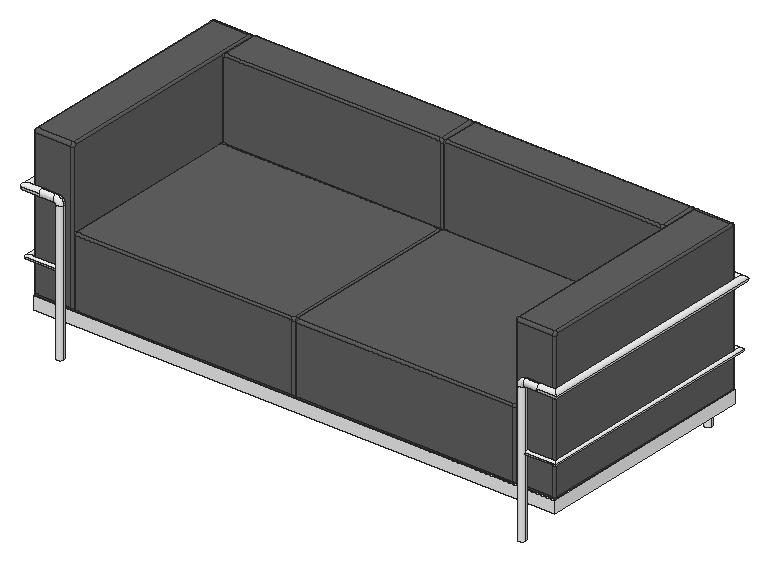
Revit family "Sofa-Corbu", category Furniture, Revit 2018
Family settings
  OmniClass Number = 23.40.20.14.14.14
  OmniClass Title = Settees, Sofas
  Work Plane-Based = No
  Always vertical = Yes
  Cut with Voids When Loaded = No
  Shared = Yes
  Room Calculation Point = No
Parameters (values of type "Sofa")
  Assembly Code = "E2020200"
  Cushion Material = Leather - Black
  Depth = 2' - 4 1/2"
  Frame Material = Metal - Chrome
  Height = 2' - 0 1/2"
  Width = 5' - 6"
Reference planes (in)
  plane 1 "Center (Front/Back)": y = 18.37705
  plane 2: z = 0
  plane 3 "Center (Left/Right)": x = 22.57377
  plane 4 "Front": y = 4.12705
  plane 5 "Back": y = 32.62705
  plane 6 "Right": x = 55.57377
  plane 7 "Left": x = -10.42623
  plane 8: z = 24.5
  plane 9: z = 18
  plane 10: z = 10
  plane 11: y = 27.62705
  plane 12: x = 50.57377
  plane 13 "L1": x = -5.42623
  plane 14: x = -11.42623
  plane 15: x = 56.57377
  plane 16: y = 33.62705
  plane 17: y = 3.12705
  plane 18: x = 51.8136
  plane 19: x = -6.67623
  plane 20 "Cushion": z = 14.5
  plane 21 "Base": z = 5.5
Forms (in)
  Extrusion 1, solid, material "Metal - Chrome" <- "Frame Material"
    sketch origin (0, 0, 0) x (1, 0, 0) y (0, 1, 0)
      loop
        line (-10.42623, 32.62705) -> (-10.42623, 4.12705) -> (55.57377, 4.12705) -> (55.57377, 32.62705) -> (-10.42623, 32.62705)
    from 4 to 5.5
  Sweep 2, solid, material "Metal - Chrome" <- "Frame Material"
    path origin (0, 0, 0) x (1, 0, 0) y (0, 1, 0)
      loop
        line (-8.92623, 3.62705) -> (-10.92623, 3.62705) -> (-10.92623, 33.12705) -> (56.07377, 33.12705) -> (56.07377, 3.62705) -> (54.07377, 3.62705)
    profile origin (-9.92623, 0, 0) x (0, -1, 0) y (0, 0, 1)
      loop
        circle (-3.62705, 18) r 0.4375
  Sweep 3, solid, material "Metal - Chrome" <- "Frame Material"
    path origin (0, 0, 0) x (1, 0, 0) y (0, 1, 0)
      loop
        line (-7.05123, 3.75205) -> (-10.80123, 3.75205) -> (-10.80123, 33.00205) -> (55.94877, 33.00205) -> (55.94877, 3.75205) -> (52.19877, 3.75205)
    profile origin (-8.92623, 0, 0) x (0, -1, 0) y (0, 0, 1)
      loop
        circle (-3.75205, 10) r 0.25
  Sweep 4, solid, material "Metal - Chrome" <- "Frame Material"
    path origin (0, 4.87705, 0) x (0, 0, -1) y (1, 0, 0)
      loop
        line (0, -6.67623) -> (-17.5, -6.67623)
        arc (-17.5, -6.67623) -> (-17.85355, -6.82268) -> (-18, -7.17623) r 0.5
        line (-18, -7.17623) -> (-18, -8.92623)
    profile origin (0, 4.87705, 8.75) x (-1, 0, 0) y (0, -1, 0)
      loop
        circle (6.67623, 1.25) r 0.4375
  Sweep 5, solid, material "Metal - Chrome" <- "Frame Material"
    path origin (0, 4.87705, 0) x (0, 0, -1) y (1, 0, 0)
      loop
        line (0, 51.82377) -> (-17.5, 51.82377)
        arc (-17.5, 51.82377) -> (-17.85355, 51.97022) -> (-18, 52.32377) r 0.5
        line (-18, 52.32377) -> (-18, 54.07377)
    profile origin (0, 4.87705, 8.75) x (-1, 0, 0) y (0, -1, 0)
      loop
        circle (-51.82377, 1.25) r 0.4375
  Extrusion 6, solid, material "Metal - Chrome" <- "Frame Material"
    sketch origin (0, 0, 0) x (1, 0, 0) y (0, 1, 0)
      loop
        circle (-6.67623, 33.12705) r 0.4375
      loop
        circle (51.82377, 33.12705) r 0.4375
    from 0 to 18
Cuts and joins
  joined: Sweep 2, Sweep 3, Sweep 4, Sweep 5, Extrusion 6
Lines and regions (in)
  Masking region 1
    outline origin (0, 0, 0) x (1, 0, 0) y (0, 1, 0)
      loop
        arc (-6.67623, 3.12705) -> (-6.17623, 3.62705) -> (-6.67623, 4.12705) r 0.5
        line (-6.67623, 4.12705) -> (51.8136, 4.12705)
        arc (51.8136, 4.12705) -> (51.3136, 3.62705) -> (51.8136, 3.12705) r 0.5
        line (51.8136, 3.12705) -> (56.57377, 3.12705) -> (56.57377, 33.62705) -> (-11.42623, 33.62705) -> (-11.42623, 3.12705) -> (-6.67623, 3.12705)
  symbolic lines
    curve 1: line (-5.42623, 32.62705, 0) -> (-5.42623, 4.12705, 0)
    curve 2: line (50.57377, 27.62705, 0) -> (-5.42623, 27.62705, 0)
    curve 3: line (50.57377, 4.12705, 0) -> (50.57377, 32.62705, 0)
    curve 4: line (22.57377, 4.12705, 0) -> (22.57377, 32.62705, 0)
Dimensions and locks (in)
  equal spacing: plane 7 "Left", plane 3 "Center (Left/Right)", plane 6 "Right"
  equal spacing: plane 4 "Front", plane 1 "Center (Front/Back)", plane 5 "Back"
  "Depth": plane 4 "Front" to plane 5 "Back"
  "Width": plane 7 "Left" to plane 6 "Right"
  locked: plane 7 "Left" to Sweep 3 sketch curve at 0.375
  locked: Sweep 3 sketch curve to plane 7 "Left" at 3.375
  locked: Sweep 3 sketch curve to plane 6 "Right" at 0.375
  locked: plane 4 "Front" to Sweep 3 sketch curve at 0.375  (x2)
  locked: Sweep 3 sketch curve to plane 5 "Back" at 0.375
  locked: plane 4 "Front" to Sweep 4 sketch curve at 0.5
  locked: plane 4 "Front" to Sweep 5 sketch curve at 0.5
  "Height": plane 8 to level
  locked: Extrusion 6 sketch curve to plane 5 "Back" at 0.5  (x2)
  locked: Extrusion 6 sketch curve to plane 7 "Left" at 3.75
  locked: plane 6 "Right" to Extrusion 6 sketch curve at 3.75
  locked: plane 7 "Left" to plane 13 "L1" at 5
  locked: plane 12 to plane 6 "Right" at 5
  locked: plane 5 "Back" to plane 11 at 5
  plane 14 to plane 7 "Left" = 0' - 1"
  locked: plane 16 to plane 5 "Back" at 1
  locked: plane 6 "Right" to plane 15 at 1
  locked: plane 14 to plane 19 at 4.75
  locked: plane 18 to plane 15 at 4.76017
  locked: plane 17 to plane 4 "Front" at 1
  locked: plane 20 "Cushion" to plane 2 at 14.5
  locked: plane 21 "Base" to plane 2 at 5.5
  aligned and locked: Sweep 4 sketch curve to Sweep 2  (x2)
  aligned and locked: Sweep 5 sketch curve to Sweep 2  (x2)
  aligned and locked: Extrusion 1 to curve 1
  aligned and locked: Masking region 1 sketch curve to plane 17
  aligned and locked: plane 15 to Masking region 1 sketch curve
  aligned and locked: Masking region 1 sketch curve to plane 16
  aligned and locked: Masking region 1 sketch curve to plane 14
  aligned and locked: plane 19 to Masking region 1 sketch curve
  aligned and locked: plane 18 to Masking region 1 sketch curve
  aligned and locked: nested 1 to plane 13 "L1"
  aligned and locked: nested 1 to plane 4 "Front"
  aligned and locked: nested 1 to plane 11
  aligned and locked: plane 5 "Back" to nested 2
  aligned and locked: nested 2 to plane 4 "Front"
  aligned and locked: plane 21 "Base" to nested 2
  aligned and locked: nested 2 to plane 8
  aligned and locked: plane 5 "Back" to nested 4
  aligned and locked: plane 4 "Front" to nested 4
  aligned and locked: nested 3 to plane 13 "L1"
  aligned and locked: nested 4 to plane 8
  aligned and locked: plane 21 "Base" to nested 4
  aligned and locked: plane 21 "Base" to nested 3
  aligned and locked: nested 3 to plane 8
  aligned and locked: nested 1 to plane 3 "Center (Left/Right)"
  aligned and locked: plane 3 "Center (Left/Right)" to nested 5
  aligned and locked: plane 12 to nested 5
  aligned and locked: nested 3 to plane 3 "Center (Left/Right)"
  aligned and locked: plane 3 "Center (Left/Right)" to nested 6
  aligned and locked: plane 12 to nested 6
  aligned and locked: plane 5 "Back" to curve 4
  aligned and locked: plane 4 "Front" to curve 4
  aligned and locked: plane 3 "Center (Left/Right)" to curve 4
  aligned and locked: nested 6 to plane 8
  aligned and locked: nested 5 to plane 11
  aligned and locked: plane 4 "Front" to nested 5
  aligned and locked: Masking region 1 sketch curve to plane 4 "Front"
Automatic sketch dimensions
  Extrusion 1 sketch curve to plane 4 "Front" = 0' - 0"
  Extrusion 1 sketch curve to plane 7 "Left" = 0' - 0"
  Extrusion 1 sketch curve to plane 6 "Right" = 0' - 0"
  Extrusion 1 sketch curve to plane 5 "Back" = 0' - 0"
  plane 7 "Left" to Sweep 2 sketch curve = 0' - 0 1/2"
  Sweep 2 sketch curve to plane 7 "Left" = 0' - 1 1/2"
  plane 6 "Right" to Sweep 2 sketch curve = 0' - 1 1/2"
  Sweep 2 sketch curve to plane 6 "Right" = 0' - 0 1/2"
  plane 4 "Front" to Sweep 2 sketch curve = 0' - 0 1/2"  (x2)
  Sweep 2 sketch curve to plane 5 "Back" = 0' - 0 1/2"
  Sweep 2 sketch curve to profile plane = 0' - 0"
  profile plane to Sweep 2 sketch curve = 0' - 0 7/16"
  level to Sweep 2 sketch curve = 1' - 6"
  plane 6 "Right" to Sweep 3 sketch curve = 0' - 3 3/8"
  Sweep 3 sketch curve to profile plane = 0' - 0"
  profile plane to Sweep 3 sketch curve = 0' - 0 1/4"
  level to Sweep 3 sketch curve = 0' - 10"
  Sweep 4 sketch curve to profile plane = 0' - 0"
  Sweep 5 sketch curve to profile plane = 0' - 0"
  Sweep 4 sketch curve to level = 0' - 0"
  Sweep 4 sketch curve to plane 7 "Left" = 0' - 3 3/4"
  Sweep 4 sketch curve to Sweep 4 sketch curve = 0' - 0 1/2"
  Sweep 5 sketch curve to level = 0' - 0"
  plane 6 "Right" to Sweep 5 sketch curve = 0' - 3 3/4"
  Sweep 5 sketch curve to Sweep 5 sketch curve = 0' - 0 1/2"
  profile plane to Sweep 4 sketch curve = 0' - 0 7/16"
  profile plane to Sweep 5 sketch curve = 0' - 0 7/16"
  Extrusion 6 sketch curve to Extrusion 6 sketch curve = 0' - 0 7/16"  (x2)
  curve 1 to plane 4 "Front" = 0' - 0"
  curve 1 to plane 13 "L1" = 0' - 0"
  plane 5 "Back" to curve 3 = 0' - 0"
  curve 3 to plane 12 = 0' - 0"
  plane 4 "Front" to curve 3 = 0' - 0"
  curve 2 to plane 11 = 0' - 0"
  Masking region 1 sketch curve to plane 17 = 0' - 0"
Nested families (in)
  nested 1: "Cushion" at (8.57377, 15.87705, 5.5) x (-1, 0, 0) z (0, 0, 1), Cushion Matials <- "Cushion Material", type "Cushion"
    with Thickness 0' - 9", Length 2' - 4", Height 1' - 11 1/2", Cushion Matials Leather - Black
  nested 2: "Cushion" at (55.57377, 18.37705, 15) x (0, -1, 0) z (-1, 0, 0), Cushion Matials <- "Cushion Material", type "Cushion"
    with Thickness 0' - 5", Length 2' - 4 1/2", Height 1' - 7", Cushion Matials Leather - Black
  nested 3: "Cushion" at (8.57377, 32.62705, 15) x (1, 0, 0) z (0, -1, 0), Cushion Matials <- "Cushion Material", type "Cushion"
    with Thickness 0' - 5", Length 2' - 4", Height 1' - 7", Cushion Matials Leather - Black
  nested 4: "Cushion" at (-5.42623, 18.37705, 15) x (0, -1, 0) z (-1, 0, 0), Cushion Matials <- "Cushion Material", type "Cushion"
    with Thickness 0' - 5", Length 2' - 4 1/2", Height 1' - 7", Cushion Matials Leather - Black
  nested 5: "Cushion" at (36.57377, 15.87705, 5.5) x (-1, 0, 0) z (0, 0, 1), Cushion Matials <- "Cushion Material", type "Cushion"
    with Thickness 0' - 9", Length 2' - 4", Height 1' - 11 1/2", Cushion Matials Leather - Black
  nested 6: "Cushion" at (36.57377, 32.62705, 15) x (1, 0, 0) z (0, -1, 0), Cushion Matials <- "Cushion Material", type "Cushion"
    with Thickness 0' - 5", Length 2' - 4", Height 1' - 7", Cushion Matials Leather - Black
Definition of nested family "Cushion"
  Parameters
    r2 = r1 - 0' 0 1/8"  # 0' - 0 1/4"
    r1 = 0' - 0 3/8"
    Thickness [instance] = 0' - 6"
    Length [instance] = 2' - 0"
    Height [instance] = 2' - 0"
    Default Elevation = 4' - 0"
    Cushion Matials [instance] = none
  Reference planes (in)
    plane 1 "Center (Front/Back)": y = 0
    plane 2: z = 0
    plane 3 "Center (Left/Right)": x = 0
    plane 4 "Left": x = -12
    plane 5 "Front": y = -12
    plane 6 "Right": x = 12
    plane 7 "Back": y = 12
    plane 8 "Top": z = 6
  Forms (in)
    Extrusion 1, solid, material <- "Cushion Matials"
      sketch origin (0, 0, 0) x (1, 0, 0) y (0, 1, 0)
        loop
          line (-12, 12) -> (-12, -12) -> (12, -12) -> (12, 12) -> (-12, 12)
      from 0 to 6
    Extrusion 2, void
      sketch origin (0, 0, 0) x (1, 0, 0) y (0, 1, 0)
        loop
          line (-12, 12) -> (-12, 11.625)
          arc (-12, 11.625) -> (-11.89017, 11.89017) -> (-11.625, 12) r 0.375
          line (-11.625, 12) -> (-12, 12)
        loop
          line (12, 12) -> (11.625, 12)
          arc (11.625, 12) -> (11.89017, 11.89017) -> (12, 11.625) r 0.375
          line (12, 11.625) -> (12, 12)
        loop
          line (-12, -12) -> (-11.625, -12)
          arc (-11.625, -12) -> (-11.89017, -11.89017) -> (-12, -11.625) r 0.375
          line (-12, -11.625) -> (-12, -12)
        loop
          line (12, -12) -> (12, -11.625)
          arc (12, -11.625) -> (11.89017, -11.89017) -> (11.625, -12) r 0.375
          line (11.625, -12) -> (12, -12)
      from 0 to 6
    Sweep 3, void
      path origin (0, 0, 6) x (-1, 0, 0) y (0, -1, 0)
        loop
          line (-11.625, -12) -> (11.625, -12)
          arc (11.625, -12) -> (11.89017, -11.89017) -> (12, -11.625) r 0.375
          line (12, -11.625) -> (12, 11.625)
          arc (12, 11.625) -> (11.89017, 11.89017) -> (11.625, 12) r 0.375
          line (11.625, 12) -> (-11.625, 12)
          arc (-11.625, 12) -> (-11.89017, 11.89017) -> (-12, 11.625) r 0.375
          line (-12, 11.625) -> (-12, -11.625)
          arc (-12, -11.625) -> (-11.89017, -11.89017) -> (-11.625, -12) r 0.375
      profile origin (0, 12, 6) x (0, -1, 0) y (0, 0, 1)
        loop
          line (0.25, 0) -> (0, 0) -> (0, -0.25)
          arc (0, -0.25) -> (0.07322, -0.07322) -> (0.25, 0) r 0.25
    Sweep 4, void
      path origin (0, 0, 0) x (0, 1, 0) y (-1, 0, 0)
        loop
          line (12, -11.625) -> (12, 11.625)
          arc (12, 11.625) -> (11.89017, 11.89017) -> (11.625, 12) r 0.375
          line (11.625, 12) -> (-11.625, 12)
          arc (-11.625, 12) -> (-11.89017, 11.89017) -> (-12, 11.625) r 0.375
          line (-12, 11.625) -> (-12, -11.625)
          arc (-12, -11.625) -> (-11.89017, -11.89017) -> (-11.625, -12) r 0.375
          line (-11.625, -12) -> (11.625, -12)
          arc (11.625, -12) -> (11.89017, -11.89017) -> (12, -11.625) r 0.375
      profile origin (0, 12, 0) x (0, -1, 0) y (0, 0, 1)
        loop
          arc (0.25, 0) -> (0.07322, 0.07322) -> (0, 0.25) r 0.25
          line (0, 0.25) -> (0, 0) -> (0.25, 0)
  Cuts and joins
    Extrusion 2, Sweep 3, Sweep 4 cuts Extrusion 1
  Dimensions and locks (in)
    equal spacing: plane 4 "Left", plane 3 "Center (Left/Right)", plane 6 "Right"
    "Length": plane 4 "Left" to plane 6 "Right"
    "Height": plane 7 "Back" to plane 5 "Front"
    equal spacing: plane 7 "Back", plane 1 "Center (Front/Back)", plane 5 "Front"
    "Thickness": plane 8 "Top" to plane 2
    "r1": radius of Extrusion 2 sketch curve  (x4)
    "r2": radius of Sweep 3 sketch curve
    "r2": radius of Sweep 4 sketch curve
    aligned and locked: plane 2 to level
    aligned and locked: plane 4 "Left" to Extrusion 1 sketch curve
    aligned and locked: Extrusion 1 sketch curve to plane 7 "Back"
    aligned and locked: plane 6 "Right" to Extrusion 1 sketch curve
    aligned and locked: plane 5 "Front" to Extrusion 1 sketch curve
    aligned and locked: plane 8 "Top" to Extrusion 1
    aligned and locked: plane 5 "Front" to Extrusion 2 sketch curve
    aligned and locked: Extrusion 2 sketch curve to plane 6 "Right"
    aligned and locked: plane 4 "Left" to Extrusion 2 sketch curve
    aligned and locked: Extrusion 2 sketch curve to plane 5 "Front"
    aligned and locked: Extrusion 2 sketch curve to plane 7 "Back"
    aligned and locked: Extrusion 2 sketch curve to plane 4 "Left"
    aligned and locked: plane 6 "Right" to Extrusion 2 sketch curve
    aligned and locked: plane 7 "Back" to Extrusion 2 sketch curve
    aligned and locked: plane 8 "Top" to cut or joined group of Extrusion 1, Extrusion 2, Sweep 3, Sweep 4
    aligned and locked: profile plane to Sweep 3 sketch curve  (x2)
    aligned and locked: profile plane to Sweep 4 sketch curve  (x2)
    aligned and locked: Sweep 3 sketch curve to cut or joined group of Extrusion 1, Extrusion 2, Sweep 3, Sweep 4  (x4)
    aligned and locked: Sweep 4 sketch curve to cut or joined group of Extrusion 1, Extrusion 2, Sweep 3, Sweep 4  (x2)
  Automatic sketch dimensions
    Sweep 4 sketch curve to plane 6 "Right" = 0' - 0"
    Sweep 4 sketch curve to plane 7 "Back" = 0' - 0 3/8"
    plane 6 "Right" to Sweep 4 sketch curve = 0' - 0 3/8"
